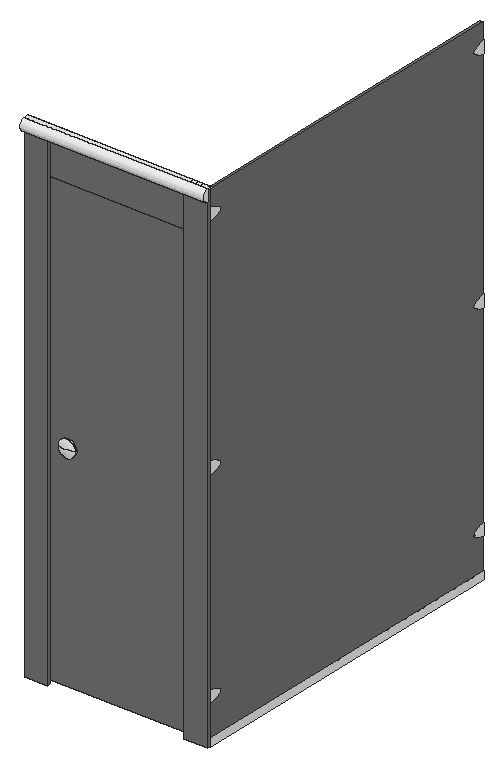
Revit family "NBS_ConceptCubicleSystems_PnlCbclSym_ForcePrivacy", category Specialty Equipment, Revit 2019
Family settings
  Round Connector Dimension = Use Diameter
  Part Type = Normal
  Work Plane-Based = No
  Always vertical = Yes
  Cut with Voids When Loaded = No
  Shared = No
  Room Calculation Point = No
Parameters (values of type "EndCubicle")
  WarrantyStartDate [instance] = "1900-12-31T23:59:59"
  WarrantyGuarantorParts = "n/a"
  WarrantyGuarantorLabor = "n/a"
  WarrantyDurationUnit = "year"
  WarrantyDurationParts = "n/a"
  WarrantyDurationLabor = "n/a"
  WarrantyDescription = "n/a"
  Version = "3"  # constant formula
  Uniclass2015Version = "Systems v1.16"
  Uniclass2015Title = "Panel cubicle systems"
  Uniclass2015Code = "Ss_25_12_60_60"
  TagNumber [instance] = "n/a"
  SystemManufacturer = "Concept Cubicle Systems"
  SustainabilityPerformance = "n/a"
  Style = "Cubicle"
  Status = "UNSET"
  Size = "1500 x 2600 mm"
  ShowCubicleLocationLines [instance] = yes
  Shape = "n/a"
  SerialNumber [instance] = "n/a"
  Revision = "n/a"
  ReverseDoorSwing [instance] = no
  ReplacementCost = "n/a"
  Reference = "n/a"
  RailOffsetRight [instance] = if(or(IsWallEndFirstCubicle, IsWallEndEndCubicle, IsWallToWallSingleCubicle, IsFirstCubicle, IsMiddleCubicle), PanelThickness / 2, 0 mm)  # 0 mm
  RailOffsetLeft [instance] = if(or(IsEndCubicle, IsWallEndFirstCubicle, IsWallEndEndCubicle, IsWallEndSingleCubicle, IsWallToWallSingleCubicle, IsMiddleCubicle), PanelThickness / 2, 0 mm)  # 6.25 mm
  ProductInformation = "https://www.conceptcubiclesystems.co.uk/education/cubicles/force-education-privacy"
  PilasterWidthLatchSide [instance] = if(OpenIn, CubicleWidth - ClearOpeningWidth - PilasterWidthHingeSide, CubicleWidth - ClearOpeningWidth - PilasterWidthHingeSide - 74 mm)  # 100 mm
  PilasterRightWidth [instance] = if(and(HasDoorCentrePosition, ReversedDoorSwing), if(OpenIn, (CubicleWidth - ClearOpeningWidth) / 2, (CubicleWidth - ClearOpeningWidth) / 2 - PanelThickness - 31.5 mm), if(and(HasDoorCentrePosition, ReverseDoorSwing), if(OpenIn, (CubicleWidth - ClearOpeningWidth) / 2, (CubicleWidth - ClearOpeningWidth) / 2 - PanelThickness - 17.5 mm), if(ReversedDoorSwing, PilasterWidthHingeSide, PilasterWidthLatchSide)))  # 100 mm
  PilasterPanelReturnRight = if(HasPilasterPanelReturnRight, PanelThickness / 2, 0 mm)  # 6.25 mm
  PilasterPanelReturnLeft = if(HasPilasterPanelReturnLeft, PanelThickness / 2, 0 mm)  # 0 mm
  PilasterMaterial = NBS_ConceptCubicleSystems_G059_GrisOrage-Grey
  PilasterLeftWidth [instance] = if(and(HasDoorCentrePosition, ReversedDoorSwing), if(OpenIn, (CubicleWidth - ClearOpeningWidth) / 2, (CubicleWidth - ClearOpeningWidth) / 2 - PanelThickness - 17.5 mm), if(and(HasDoorCentrePosition, ReverseDoorSwing), if(OpenIn, (CubicleWidth - ClearOpeningWidth) / 2, (CubicleWidth - ClearOpeningWidth) / 2 - PanelThickness - 31.5 mm), if(ReverseDoorSwing, PilasterWidthHingeSide, PilasterWidthLatchSide)))  # 100 mm
  PartitionMaterial = NBS_ConceptCubicleSystems_G059_GrisOrage-Grey
  PartitionUndercut = 0 mm  # constant formula
  Panels = "12 mm compact grade laminate"
  PanelThickness = 12.5 mm  # constant formula
  PilasterUndercut = 0 mm  # constant formula
  OverDoorPanelMaterial = NBS_ConceptCubicleSystems_G059_GrisOrage-Grey
  OverDoorPanelHeight [instance] = 200 mm
  OpenOut [instance] = not(OpenIn)  # no
  OpenIn [instance] = yes
  ReversedDoorSwing [instance] = not(ReverseDoorSwing)  # yes
  NominalWidth [instance] = CubicleWidth  # 800 mm
  NominalLength [instance] = CubicleWidth  # 800 mm
  NominalHeight [instance] = CubicleHeight  # 2200 mm
  NominalDepth [instance] = CubicleDepth  # 1500 mm
  Name = "PanelCubicleSystem_ForcePrivacy_EndCubicle_ConceptCubicleSystems"
  NBSReference = "25-05-60/160"
  NBSDescription = "Panel cubicle system"
  NBSCertification = "www.nationalbimlibrary.com/cert/kfqmu1qj"
  ModelReference = "Force Privacy Cublicles"
  ModelNumber = "n/a"
  Material = "Compact Grade Laminate"
  ManufacturerURL = "www.conceptcubiclesystems.co.uk"
  ManufacturerName = "Concept Cubicle Systems"  # constant formula
  Manufacturer = "sales@conceptcubiclesystems.co.uk"
  MainColor = "n/a"
  IsWallEndSingleCubicle = no
  IsWallEndFirstCubicle = no
  IsWallEndEndCubicle = no
  IsSingleCubicle = no
  IsWallToWallSingleCubicle = no
  PilasterWidthHingeSide [instance] = 100 mm
  IsMiddleCubicle = no
  IsFirstCubicle = no
  IsEndCubicle = yes
  IsBuiltIn = yes
  InstallationDate [instance] = "1900-12-31T23:59:59"
  IfcExportType = "USERDEFINED"  # constant formula
  IfcExportAs = "IfcFurnitureType"  # constant formula
  HasPilasterPanelReturnRight = or(IsSingleCubicle, IsEndCubicle, IsWallEndSingleCubicle)  # yes
  HasPilasterPanelReturnLeft = or(IsSingleCubicle, IsFirstCubicle)  # no
  HasPartitionRight = not(or(IsWallToWallSingleCubicle, IsWallEndEndCubicle))  # yes
  HasPartitionLeft = or(IsSingleCubicle, IsFirstCubicle)  # no
  HasOverDoorPanel [instance] = yes
  HasFittingsRight = or(IsWallToWallSingleCubicle, IsWallEndEndCubicle)  # no
  HasFittingsLeft = or(IsWallToWallSingleCubicle, IsWallEndSingleCubicle, IsWallEndFirstCubicle)  # no
  HasDoorCentrePosition [instance] = yes
  Grade = "n/a"
  Fittings = "Satin anodised aluminium"
  FittingMaterial = NBS_ConceptCubicleSystems_SatinAnodisedAluminium
  Finish = "n/a"
  Features = "Black core with a radiused edge, satin anodised aluminium bolt through Ironmongery, vandel and water resistant, floor to ceiling partition for privacy"
  ExpectedLife = "n/a"
  DurationUnit = "year"
  DoorSwingCalc [instance] = if(OpenOut, (PanelThickness / 2) + ClearOpeningWidth + 44 mm, 0 mm)  # 0 mm
  DoorSwing [instance] = if(OpenIn, (PanelThickness / 2) + ClearOpeningWidth + 76 mm, 0 mm)  # 682.25 mm
  DoorLeafMaterial = NBS_ConceptCubicleSystems_G059_GrisOrage-Grey
  DoorLeafHeight [instance] = if(HasOverDoorPanel, CubicleHeight - DoorLeafUndercut - OverDoorPanelHeight - 5 mm, if(OpenIn, CubicleHeight - DoorLeafUndercut - 5 mm, CubicleHeight - DoorLeafUndercut - 55 mm))  # 1985 mm
  DoorLeafUndercut = 10 mm
  DoorHeightCoarse [instance] = if(HasOverDoorPanel, CubicleHeight - OverDoorPanelHeight, CubicleHeight)  # 2000 mm
  Description = "Force cubicles, ideal for harsh and demanding environments"
  CubicleWidth [instance] = 800 mm
  CubicleHeight [instance] = 2200 mm
  CubicleDepth [instance] = 1500 mm
  Constituents = "n/a"
  Color = "n/a"
  CodePerformance = "n/a"
  ClearOpeningWidth [instance] = 600 mm
  ClearOpeningTopCalc [instance] = if(HasOverDoorPanel, OverDoorPanelHeight, 47 mm)  # 200 mm
  ClearOpeningRightCalc [instance] = if(OpenIn, 0 mm, if(ReversedDoorSwing, 44 mm, 30 mm))  # 0 mm
  ClearOpeningLeftCalc [instance] = if(OpenIn, 0 mm, if(ReverseDoorSwing, 44 mm, 30 mm))  # 0 mm
  ClearOpeningHeight [instance] = if(HasOverDoorPanel, CubicleHeight - OverDoorPanelHeight, CubicleHeight - 47 mm)  # 2000 mm
  Category = "Ss_25_12_60_60:Panel cubicle systems"
  BarCode [instance] = "n/a"
  BIMObjectName = "NBS_ConceptCubicleSystems_PanelCubicleSystem_ForcePrivacy_EndCubicle"
  Author = "NBS"  # constant formula
  AssetType = "Fixed"
  AssetIdentifier [instance] = "n/a"
  Application = "Washrooms in schools, universities, colleges and any other part of the educational sector"
  AccessibilityPerformance = "n/a"
Types (9, lengths in mm): name | ShowCubicleLocationLines | RailOffsetRight | RailOffsetLeft | PilasterPanelReturnRight | PilasterPanelReturnLeft | Name | IsWallEndSingleCubicle | IsWallEndFirstCubicle | IsWallEndEndCubicle | IsSingleCubicle | IsWallToWallSingleCubicle | IsMiddleCubicle | IsFirstCubicle | IsEndCubicle | HasPilasterPanelReturnRight | HasPilasterPanelReturnLeft | HasPartitionRight | HasPartitionLeft | HasFittingsRight | HasFittingsLeft | BIMObjectName
  (no name) | no | 0 | 0 | 6.25 | 6.25 | "PanelCubicleSystem_ForcePrivacy_SingleCubicle_ConceptCubicleSystems" | no | no | no | yes | no | no | no | no | yes | yes | yes | yes | no | no | "NBS_ConceptCubicleSystems_PanelCubicleSystem_ForcePrivacy_SingleCubicle"
  SingleCubicle | no | 0 | 0 | 6.25 | 6.25 | "PanelCubicleSystem_ForcePrivacy_SingleCubicle_ConceptCubicleSystems" | no | no | no | yes | no | no | no | no | yes | yes | yes | yes | no | no | "NBS_ConceptCubicleSystems_PanelCubicleSystem_ForcePrivacy_SingleCubicle"
  WallToWallSingleCubicle | yes | 6.25 | 6.25 | 0 | 0 | "PanelCubicleSystem_ForcePrivacy_WallToWallSingleCubicle_ConceptCubicleSystems" | no | no | no | no | yes | no | no | no | no | no | no | no | yes | yes | "NBS_ConceptCubicleSystems_PanelCubicleSystem_ForcePrivacy_WallToWallSingleCubicle"
  EndCubicle | yes | 0 | 6.25 | 6.25 | 0 | "PanelCubicleSystem_ForcePrivacy_EndCubicle_ConceptCubicleSystems" | no | no | no | no | no | no | no | yes | yes | no | yes | no | no | no | "NBS_ConceptCubicleSystems_PanelCubicleSystem_ForcePrivacy_EndCubicle"
  FirstCubicle | yes | 6.25 | 0 | 0 | 6.25 | "PanelCubicleSystem_ForcePrivacy_FirstCubicle_ConceptCubicleSystems" | no | no | no | no | no | no | yes | no | no | yes | yes | yes | no | no | "NBS_ConceptCubicleSystems_PanelCubicleSystem_ForcePrivacy_FirstCubicle"
  WallEndFirstCubicle | yes | 6.25 | 6.25 | 0 | 0 | "PanelCubicleSystem_ForcePrivacy_WallEndFirstCubicle_ConceptCubicleSystems" | no | yes | no | no | no | no | no | no | no | no | yes | no | no | yes | "NBS_ConceptCubicleSystems_PanelCubicleSystem_ForcePrivacy_WallEndFirstCubicle"
  WallEndSingleCubicle | yes | 0 | 6.25 | 6.25 | 0 | "PanelCubicleSystem_ForcePrivacy_WallEndSingleCubicle_ConceptCubicleSystems" | yes | no | no | no | no | no | no | no | yes | no | yes | no | no | yes | "NBS_ConceptCubicleSystems_PanelCubicleSystem_ForcePrivacy_WallEndSingleCubicle"
  MiddleCubicle | yes | 6.25 | 6.25 | 0 | 0 | "PanelCubicleSystem_ForcePrivacy_MiddleCubicle_ConceptCubicleSystems" | no | no | no | no | no | yes | no | no | no | no | yes | no | no | no | "NBS_ConceptCubicleSystems_PanelCubicleSystem_ForcePrivacy_MiddleCubicle"
  WallEndEndCubicle | yes | 6.25 | 6.25 | 0 | 0 | "PanelCubicleSystem_ForcePrivacy_WallEndEndCubicle_ConceptCubicleSystems" | no | no | yes | no | no | no | no | no | no | no | no | no | yes | no | "NBS_ConceptCubicleSystems_PanelCubicleSystem_ForcePrivacy_WallEndEndCubicle"
Reference planes
  plane 1 "Back": y = 0
  plane 2: z = 0
  plane 3 "Center (Left/Right)": x = 0
  plane 4 "Front": y = -1512.5
  plane 5 "PilasterBack": y = -1500
  plane 6 "CubicleLeft": x = -400
  plane 7 "CubicleRight": x = 400
  plane 8 "LeftPartitionExternal": x = -406.25
  plane 9 "LeftPartitionInternal": x = -393.75
  plane 10 "RightPartitionExternal": x = 406.25
  plane 11 "RightPartitionInternal": x = 393.75
  plane 12 "LeftPilaster": x = -300
  plane 13 "RightPilaster": x = 300
  plane 14 "PilasterLeft": x = -400
  plane 15 "PilasterRight": x = 406.25
  plane 16 "DoorSwing": y = -824
  plane 17 "DoorSwingCalc": y = -1506.25
  plane 18 "PilasterCentre": y = -1506.25
  plane 19 "Top": z = 2200
  plane 20: z = 2100
  plane 21 "PartitionFitting": z = 200
  plane 22: z = 1100
  plane 23 "PartitionElevation": z = 0
  plane 24 "Left": x = -400
  plane 25 "Right": x = 400
  plane 26 "PilasterElevation": z = 0
  plane 27 "PilasterFitting": z = 200
  plane 28 "Fitting": z = 200
  plane 29 "ClearOpeningRight": x = 300
  plane 30 "ClearOpeningLeft": x = -300
  plane 31 "ClearOpeningTop": z = 2000
  plane 32 "OverDoorPanelBottom": z = 2000
  plane 33 "OverDoorPanelTop": z = 2200
Forms (mm)
  Extrusion 1, solid, material "NBS_ConceptCubicleSystems_G059_GrisOrage-Grey" <- "PartitionMaterial", visible <- "HasPartitionLeft", detail levels medium+fine
    sketch origin (0, 0, 0) x (1, 0, 0) y (0, 1, 0)
      loop
        line (-406.25, 0) -> (-406.25, -1500) -> (-393.75, -1500) -> (-393.75, 0) -> (-406.25, 0)
    from 0 to 2200
  Extrusion 2, solid, material "NBS_ConceptCubicleSystems_G059_GrisOrage-Grey" <- "PartitionMaterial", visible <- "HasPartitionRight", detail levels medium+fine
    sketch origin (0, 0, 0) x (1, 0, 0) y (0, 1, 0)
      loop
        line (393.75, 0) -> (393.75, -1500) -> (406.25, -1500) -> (406.25, 0) -> (393.75, 0)
    from 0 to 2200
  Extrusion 3, solid, material "NBS_ConceptCubicleSystems_G059_GrisOrage-Grey" <- "PilasterMaterial", detail levels medium+fine
    sketch origin (0, 0, 0) x (1, 0, 0) y (0, 1, 0)
      loop
        line (-400, -1500) -> (-400, -1512.5) -> (-300, -1512.5) -> (-300, -1500) -> (-400, -1500)
    from 0 to 2200
  Extrusion 4, solid, material "NBS_ConceptCubicleSystems_G059_GrisOrage-Grey" <- "PilasterMaterial", detail levels medium+fine
    sketch origin (0, 0, 0) x (1, 0, 0) y (0, 1, 0)
      loop
        line (300, -1500) -> (300, -1512.5) -> (406.25, -1512.5) -> (406.25, -1500) -> (300, -1500)
    from 0 to 2200
  Extrusion 5, solid, material "NBS_ConceptCubicleSystems_G059_GrisOrage-Grey" <- "PartitionMaterial", visible <- "HasPartitionLeft", detail levels coarse
    sketch origin (0, 0, 0) x (1, 0, 0) y (0, 1, 0)
      loop
        line (-406.25, 0) -> (-406.25, -1500) -> (-393.75, -1500) -> (-393.75, 0) -> (-406.25, 0)
    from 0 to 2200
  Extrusion 6, solid, material "NBS_ConceptCubicleSystems_G059_GrisOrage-Grey" <- "PartitionMaterial", visible <- "HasPartitionRight", detail levels coarse
    sketch origin (0, 0, 0) x (1, 0, 0) y (0, 1, 0)
      loop
        line (393.75, 0) -> (393.75, -1500) -> (406.25, -1500) -> (406.25, 0) -> (393.75, 0)
    from 0 to 2200
  Extrusion 7, solid, material "NBS_ConceptCubicleSystems_G059_GrisOrage-Grey" <- "PilasterMaterial", detail levels coarse
    sketch origin (0, 0, 0) x (1, 0, 0) y (0, 1, 0)
      loop
        line (-400, -1500) -> (-400, -1512.5) -> (-300, -1512.5) -> (-300, -1500) -> (-400, -1500)
    from 0 to 2200
  Extrusion 8, solid, material "NBS_ConceptCubicleSystems_G059_GrisOrage-Grey" <- "PilasterMaterial", detail levels coarse
    sketch origin (0, 0, 0) x (1, 0, 0) y (0, 1, 0)
      loop
        line (300, -1500) -> (300, -1512.5) -> (406.25, -1512.5) -> (406.25, -1500) -> (300, -1500)
    from 0 to 2200
  Sweep 9, solid, material "NBS_ConceptCubicleSystems_SatinAnodisedAluminium" <- "FittingMaterial", detail levels medium+fine
    path origin (0, 0, 2200) x (0, 1, 0) y (-1, 0, 0)
      loop
        line (-1512.5, 400) -> (-1512.5, -406.25)
    profile origin (3.125, -1512.5, 2200) x (0, 1, 0) y (0, 0, 1)
      loop
        arc (0, 3) -> (-25, -22) -> (0, -47) r 25
        line (0, -47) -> (0, 0) -> (19, 0) -> (19, 3) -> (0, 3)
  Sweep 10, solid, material "NBS_ConceptCubicleSystems_SatinAnodisedAluminium" <- "FittingMaterial", visible <- "HasPartitionLeft", detail levels medium+fine
    path origin (0, 0, 0) x (1, 0, 0) y (0, 1, 0)
      loop
        line (-400, 0) -> (-400, -1500)
    profile origin (-400, -750, 0) x (1, 0, 0) y (0, 0, 1)
      loop
        line (-8.5, 0) -> (8.5, 0) -> (8.5, 38) -> (6.25, 38) -> (6.25, 2.5) -> (-6.25, 2.5) -> (-6.25, 38) -> (-8.5, 38) -> (-8.5, 0)
  Sweep 11, solid, material "NBS_ConceptCubicleSystems_SatinAnodisedAluminium" <- "FittingMaterial", visible <- "HasPartitionRight", detail levels medium+fine
    path origin (0, 0, 0) x (1, 0, 0) y (0, 1, 0)
      loop
        line (400, 0) -> (400, -1500)
    profile origin (400, -750, 0) x (1, 0, 0) y (0, 0, 1)
      loop
        line (-8.5, 0) -> (8.5, 0) -> (8.5, 38) -> (6.25, 38) -> (6.25, 2.5) -> (-6.25, 2.5) -> (-6.25, 38) -> (-8.5, 38) -> (-8.5, 0)
  Extrusion 12, solid, material "NBS_ConceptCubicleSystems_G059_GrisOrage-Grey" <- "OverDoorPanelMaterial", visible <- "HasOverDoorPanel"
    sketch origin (0, 0, 0) x (1, 0, 0) y (0, 1, 0)
      loop
        line (-391.5, -1500) -> (391.5, -1500) -> (391.5, -1487.5) -> (-391.5, -1487.5) -> (-391.5, -1500)
    from 2000 to 2200
Lines and regions (mm)
  symbolic lines, visible <- "HasPartitionLeft", detail levels coarse
    curve 1: line (-400, 0, 0) -> (-400, -1500, 0)
  symbolic lines, detail levels coarse
    curve 2: line (-300, -1500, 0) -> (-400, -1500, 0)
    curve 3: line (300, -1500, 0) -> (400, -1500, 0)
  symbolic lines, visible <- "HasPartitionRight", detail levels coarse
    curve 4: line (400, -1500, 0) -> (400, 0, 0)
  symbolic lines, style "SpecialityEquipmentHiddenLines", visible <- "ShowCubicleLocationLines"
    curve 5: line (400, -1500, 0) -> (400, 0, 0)
    curve 6: line (-400, 0, 0) -> (-400, -1500, 0)
Dimensions and locks
  "PanelThickness": plane 5 "PilasterBack" to plane 4 "Front"
  "CubicleDepth": plane 5 "PilasterBack" to plane 1 "Back"
  equal spacing: plane 6 "CubicleLeft", plane 3 "Center (Left/Right)", plane 7 "CubicleRight"
  "CubicleWidth": plane 6 "CubicleLeft" to plane 7 "CubicleRight"
  equal spacing: plane 8 "LeftPartitionExternal", plane 6 "CubicleLeft", plane 9 "LeftPartitionInternal"
  "PanelThickness": plane 8 "LeftPartitionExternal" to plane 9 "LeftPartitionInternal"
  equal spacing: plane 11 "RightPartitionInternal", plane 7 "CubicleRight", plane 10 "RightPartitionExternal"
  "PanelThickness": plane 11 "RightPartitionInternal" to plane 10 "RightPartitionExternal"
  "DoorSwing": plane 16 "DoorSwing" to plane 17 "DoorSwingCalc"
  equal spacing: plane 5 "PilasterBack", plane 18 "PilasterCentre", plane 4 "Front"
  "DoorSwingCalc": plane 18 "PilasterCentre" to plane 17 "DoorSwingCalc"
  "CubicleHeight": plane 19 "Top" to level
  locked: plane 19 "Top" to plane 20 at 100
  "PartitionUndercut": plane 23 "PartitionElevation" to level
  equal spacing: plane 19 "Top", plane 22, plane 23 "PartitionElevation"
  "PilasterRightWidth": plane 13 "RightPilaster" to plane 7 "CubicleRight"
  "PilasterLeftWidth": plane 6 "CubicleLeft" to plane 12 "LeftPilaster"
  "PilasterPanelReturnLeft": plane 14 "PilasterLeft" to plane 6 "CubicleLeft"
  "PilasterPanelReturnRight": plane 7 "CubicleRight" to plane 15 "PilasterRight"
  "RailOffsetLeft": plane 8 "LeftPartitionExternal" to Sweep 9 sketch curve
  "RailOffsetRight": Sweep 9 sketch curve to plane 10 "RightPartitionExternal"
  "PilasterUndercut": plane 26 "PilasterElevation" to level
  locked: plane 28 "Fitting" to level at 200
  locked: plane 21 "PartitionFitting" to level at 200
  locked: plane 27 "PilasterFitting" to level at 200
  "ClearOpeningRightCalc": plane 29 "ClearOpeningRight" to plane 13 "RightPilaster"
  "ClearOpeningLeftCalc": plane 12 "LeftPilaster" to plane 30 "ClearOpeningLeft"
  locked: plane 9 "LeftPartitionInternal" to Extrusion 12 sketch curve at 2.25
  locked: Extrusion 12 sketch curve to plane 11 "RightPartitionInternal" at 2.25
  "PanelThickness": Extrusion 12 sketch curve to plane 5 "PilasterBack"
  "ClearOpeningTopCalc": plane 19 "Top" to plane 31 "ClearOpeningTop"
  "OverDoorPanelHeight": plane 33 "OverDoorPanelTop" to plane 32 "OverDoorPanelBottom"
  locked: plane 19 "Top" to plane 33 "OverDoorPanelTop" at 0
  aligned and locked: level to plane 2
  aligned and locked: Extrusion 1 sketch curve to plane 8 "LeftPartitionExternal"
  aligned and locked: plane 9 "LeftPartitionInternal" to Extrusion 1 sketch curve
  aligned and locked: Extrusion 2 sketch curve to plane 11 "RightPartitionInternal"
  aligned and locked: plane 10 "RightPartitionExternal" to Extrusion 2 sketch curve
  aligned and locked: Extrusion 3 sketch curve to plane 14 "PilasterLeft"
  aligned and locked: Extrusion 3 sketch curve to plane 12 "LeftPilaster"
  aligned and locked: Extrusion 3 sketch curve to plane 4 "Front"
  aligned and locked: Extrusion 3 sketch curve to plane 5 "PilasterBack"
  aligned and locked: plane 13 "RightPilaster" to Extrusion 4 sketch curve
  aligned and locked: plane 15 "PilasterRight" to Extrusion 4 sketch curve
  aligned and locked: Extrusion 4 sketch curve to plane 5 "PilasterBack"
  aligned and locked: Extrusion 4 sketch curve to plane 4 "Front"
  aligned and locked: plane 19 "Top" to Extrusion 1
  aligned and locked: plane 19 "Top" to Extrusion 2
  aligned and locked: plane 19 "Top" to Extrusion 3
  aligned and locked: plane 19 "Top" to Extrusion 4
  aligned and locked: plane 1 "Back" to Extrusion 1 sketch curve
  aligned and locked: Extrusion 1 sketch curve to plane 5 "PilasterBack"
  aligned and locked: Extrusion 2 sketch curve to plane 5 "PilasterBack"
  aligned and locked: plane 1 "Back" to Extrusion 2 sketch curve
  aligned and locked: plane 1 "Back" to nested 3
  aligned and locked: plane 1 "Back" to nested 4
  aligned and locked: plane 1 "Back" to nested 5
  aligned and locked: plane 6 "CubicleLeft" to nested 5
  aligned and locked: plane 6 "CubicleLeft" to nested 4
  aligned and locked: plane 6 "CubicleLeft" to nested 3
  aligned and locked: plane 1 "Back" to nested 6
  aligned and locked: plane 1 "Back" to nested 7
  aligned and locked: plane 1 "Back" to nested 8
  aligned and locked: nested 6 to plane 7 "CubicleRight"
  aligned and locked: nested 7 to plane 7 "CubicleRight"
  aligned and locked: nested 8 to plane 7 "CubicleRight"
  aligned and locked: plane 5 "PilasterBack" to nested 9
  aligned and locked: plane 5 "PilasterBack" to nested 10
  aligned and locked: plane 5 "PilasterBack" to nested 11
  aligned and locked: plane 7 "CubicleRight" to nested 9
  aligned and locked: plane 7 "CubicleRight" to nested 10
  aligned and locked: plane 7 "CubicleRight" to nested 11
  aligned and locked: plane 5 "PilasterBack" to nested 15
  aligned and locked: plane 5 "PilasterBack" to nested 16
  aligned and locked: plane 5 "PilasterBack" to nested 17
  aligned and locked: nested 15 to plane 6 "CubicleLeft"
  aligned and locked: nested 16 to plane 6 "CubicleLeft"
  aligned and locked: nested 17 to plane 6 "CubicleLeft"
  aligned and locked: nested 14 to plane 18 "PilasterCentre"
  aligned and locked: nested 13 to plane 18 "PilasterCentre"
  aligned and locked: nested 12 to plane 18 "PilasterCentre"
  aligned and locked: plane 15 "PilasterRight" to nested 14
  aligned and locked: plane 15 "PilasterRight" to nested 13
  aligned and locked: plane 15 "PilasterRight" to nested 12
  aligned and locked: plane 20 to nested 5
  aligned and locked: plane 20 to nested 17
  aligned and locked: plane 20 to nested 14
  aligned and locked: plane 21 "PartitionFitting" to nested 4
  aligned and locked: plane 22 to nested 3
  aligned and locked: plane 22 to nested 15
  aligned and locked: plane 22 to nested 12
  aligned and locked: plane 20 to nested 11
  aligned and locked: plane 22 to nested 10
  aligned and locked: plane 20 to nested 8
  aligned and locked: plane 22 to nested 7
  aligned and locked: plane 21 "PartitionFitting" to nested 6
  aligned and locked: Extrusion 5 sketch curve to plane 8 "LeftPartitionExternal"
  aligned and locked: plane 9 "LeftPartitionInternal" to Extrusion 5 sketch curve
  aligned and locked: Extrusion 5 sketch curve to plane 1 "Back"
  aligned and locked: Extrusion 5 sketch curve to plane 5 "PilasterBack"
  aligned and locked: Extrusion 6 sketch curve to plane 11 "RightPartitionInternal"
  aligned and locked: plane 10 "RightPartitionExternal" to Extrusion 6 sketch curve
  aligned and locked: Extrusion 6 sketch curve to plane 1 "Back"
  aligned and locked: Extrusion 6 sketch curve to plane 5 "PilasterBack"
  aligned and locked: Extrusion 7 sketch curve to plane 5 "PilasterBack"
  aligned and locked: Extrusion 7 sketch curve to plane 4 "Front"
  aligned and locked: Extrusion 7 sketch curve to plane 14 "PilasterLeft"
  aligned and locked: Extrusion 7 sketch curve to plane 12 "LeftPilaster"
  aligned and locked: plane 13 "RightPilaster" to Extrusion 8 sketch curve
  aligned and locked: plane 15 "PilasterRight" to Extrusion 8 sketch curve
  aligned and locked: Extrusion 8 sketch curve to plane 5 "PilasterBack"
  aligned and locked: Extrusion 8 sketch curve to plane 4 "Front"
  aligned and locked: plane 19 "Top" to Extrusion 5
  aligned and locked: plane 19 "Top" to Extrusion 6
  aligned and locked: plane 19 "Top" to Extrusion 7
  aligned and locked: plane 19 "Top" to Extrusion 8
  aligned and locked: plane 1 "Back" to curve 4
  aligned and locked: curve 3 to plane 5 "PilasterBack"
  aligned and locked: plane 13 "RightPilaster" to curve 3
  aligned and locked: plane 12 "LeftPilaster" to curve 2
  aligned and locked: plane 5 "PilasterBack" to curve 2
  aligned and locked: curve 1 to plane 6 "CubicleLeft"
  aligned and locked: Sweep 9 sketch curve to plane 4 "Front"
  aligned and locked: plane 18 "PilasterCentre" to nested 20
  aligned and locked: plane 18 "PilasterCentre" to nested 19
  aligned and locked: plane 18 "PilasterCentre" to nested 18
  aligned and locked: plane 14 "PilasterLeft" to nested 20
  aligned and locked: plane 14 "PilasterLeft" to nested 18
  aligned and locked: plane 14 "PilasterLeft" to nested 19
  aligned and locked: plane 20 to nested 20
  aligned and locked: plane 22 to nested 19
  aligned and locked: plane 24 "Left" to plane 6 "CubicleLeft"
  aligned and locked: plane 25 "Right" to plane 7 "CubicleRight"
  aligned and locked: curve 5 to plane 7 "CubicleRight"
  aligned and locked: plane 1 "Back" to curve 5
  aligned and locked: plane 5 "PilasterBack" to curve 5
  aligned and locked: curve 6 to plane 6 "CubicleLeft"
  aligned and locked: plane 1 "Back" to curve 6
  aligned and locked: plane 5 "PilasterBack" to curve 6
  aligned and locked: plane 6 "CubicleLeft" to curve 2
  aligned and locked: Extrusion 2 to plane 23 "PartitionElevation"
  aligned and locked: Extrusion 1 to plane 23 "PartitionElevation"
  aligned and locked: Extrusion 5 to plane 23 "PartitionElevation"
  aligned and locked: Extrusion 6 to plane 23 "PartitionElevation"
  aligned and locked: Extrusion 8 to plane 26 "PilasterElevation"
  aligned and locked: Extrusion 4 to plane 26 "PilasterElevation"
  aligned and locked: Extrusion 7 to plane 26 "PilasterElevation"
  aligned and locked: Extrusion 3 to plane 26 "PilasterElevation"
  aligned and locked: plane 27 "PilasterFitting" to nested 18
  aligned and locked: plane 27 "PilasterFitting" to nested 13
  aligned and locked: plane 28 "Fitting" to nested 16
  aligned and locked: plane 28 "Fitting" to nested 9
  aligned and locked: nested 1 to plane 5 "PilasterBack"
  aligned and locked: nested 1 to plane 13 "RightPilaster"
  aligned and locked: plane 5 "PilasterBack" to nested 2
  aligned and locked: nested 2 to plane 12 "LeftPilaster"
  aligned and locked: Sweep 10 sketch curve to plane 6 "CubicleLeft"
  aligned and locked: plane 5 "PilasterBack" to Sweep 10 sketch curve
  aligned and locked: plane 1 "Back" to Sweep 10 sketch curve
  aligned and locked: plane 7 "CubicleRight" to Sweep 11 sketch curve
  aligned and locked: plane 1 "Back" to Sweep 11 sketch curve
  aligned and locked: plane 5 "PilasterBack" to Sweep 11 sketch curve
  aligned and locked: plane 5 "PilasterBack" to Extrusion 12 sketch curve
  aligned and locked: plane 19 "Top" to Extrusion 12
  aligned and locked: Extrusion 12 to plane 32 "OverDoorPanelBottom"
Automatic sketch dimensions
  Sweep 9 sketch curve to profile plane = 0 mm  (x2)
  Sweep 9 sketch curve to plane 19 "Top" = 0 mm
  Sweep 9 sketch curve to profile plane = 19 mm
  Sweep 9 sketch curve to plane 19 "Top" = 22 mm
  Sweep 9 sketch curve to Sweep 9 sketch curve = 3 mm
  plane 1 "Back" to curve 1 = 0 mm
  Sweep 10 sketch curve to level = 0 mm
  Sweep 10 sketch curve to Sweep 10 sketch curve = 2.25 mm  (x2)
  Sweep 10 sketch curve to profile plane = 6.25 mm
  level to Sweep 10 sketch curve = 38 mm
  Sweep 10 sketch curve to Sweep 10 sketch curve = 0 mm
  level to Sweep 10 sketch curve = 2.5 mm
  profile plane to Sweep 10 sketch curve = 6.25 mm
  profile plane to Sweep 11 sketch curve = 8.5 mm
  Sweep 11 sketch curve to Sweep 11 sketch curve = 2.25 mm  (x2)
  Sweep 11 sketch curve to Sweep 11 sketch curve = 12.5 mm
  level to Sweep 11 sketch curve = 0 mm
  Sweep 11 sketch curve to Sweep 11 sketch curve = 2.5 mm
  Sweep 11 sketch curve to Sweep 11 sketch curve = 35.5 mm
  Sweep 11 sketch curve to Sweep 11 sketch curve = 0 mm
Nested families
  nested 1: "NBS_ConceptCubicleSystems_PnlCbclSym_ForcePrivacy_DoorLeaf" at (300, -1500, 0), visible <- "ReversedDoorSwing", type "Door"
    with DoorLeafHeight 1985 mm, DoorHeightCoarse 2000 mm
  nested 2: "NBS_ConceptCubicleSystems_PnlCbclSym_ForcePrivacy_DoorLeaf" at (-300, -1500, 0) x (-1, 0, 0) z (0, 0, 1), visible <- "ReverseDoorSwing", type "Door"
    with DoorLeafHeight 1985 mm, DoorHeightCoarse 2000 mm
  nested 3: "NBS_ConceptCubicleSystems_PnlCbclSym_Fitting_Type1" at (-400, 0, 1100), visible <- "HasPartitionLeft", type "NBS_ConceptCubicleSystems_PnlCbclSym_Fitting_Type1", detail levels fine
  nested 4: "NBS_ConceptCubicleSystems_PnlCbclSym_Fitting_Type1" at (-400, 0, 200), visible <- "HasPartitionLeft", type "NBS_ConceptCubicleSystems_PnlCbclSym_Fitting_Type1", detail levels fine
  nested 5: "NBS_ConceptCubicleSystems_PnlCbclSym_Fitting_Type1" at (-400, 0, 2100), visible <- "HasPartitionLeft", type "NBS_ConceptCubicleSystems_PnlCbclSym_Fitting_Type1", detail levels fine
  nested 6: "NBS_ConceptCubicleSystems_PnlCbclSym_Fitting_Type1" at (400, 0, 200), visible <- "HasPartitionRight", type "NBS_ConceptCubicleSystems_PnlCbclSym_Fitting_Type1", detail levels fine
  nested 7: "NBS_ConceptCubicleSystems_PnlCbclSym_Fitting_Type1" at (400, 0, 1100), visible <- "HasPartitionRight", type "NBS_ConceptCubicleSystems_PnlCbclSym_Fitting_Type1", detail levels fine
  nested 8: "NBS_ConceptCubicleSystems_PnlCbclSym_Fitting_Type1" at (400, 0, 2100), visible <- "HasPartitionRight", type "NBS_ConceptCubicleSystems_PnlCbclSym_Fitting_Type1", detail levels fine
  nested 9: "NBS_ConceptCubicleSystems_PnlCbclSym_Fitting_Type1" at (400, -1500, 200) x (-1, 0, 0) z (0, 0, 1), visible <- "HasPartitionRight", type "NBS_ConceptCubicleSystems_PnlCbclSym_Fitting_Type1", detail levels fine
  nested 10: "NBS_ConceptCubicleSystems_PnlCbclSym_Fitting_Type1" at (400, -1500, 1100) x (-1, 0, 0) z (0, 0, 1), visible <- "HasPartitionRight", type "NBS_ConceptCubicleSystems_PnlCbclSym_Fitting_Type1", detail levels fine
  nested 11: "NBS_ConceptCubicleSystems_PnlCbclSym_Fitting_Type1" at (400, -1500, 2100) x (-1, 0, 0) z (0, 0, 1), visible <- "HasPartitionRight", type "NBS_ConceptCubicleSystems_PnlCbclSym_Fitting_Type1", detail levels fine
  nested 12: "NBS_ConceptCubicleSystems_PnlCbclSym_Fitting_Type1" at (406.25, -1506.25, 1100) x (0, -1, 0) z (0, 0, 1), visible <- "HasFittingsRight", type "NBS_ConceptCubicleSystems_PnlCbclSym_Fitting_Type1", detail levels fine
  nested 13: "NBS_ConceptCubicleSystems_PnlCbclSym_Fitting_Type1" at (406.25, -1506.25, 200) x (0, -1, 0) z (0, 0, 1), visible <- "HasFittingsRight", type "NBS_ConceptCubicleSystems_PnlCbclSym_Fitting_Type1", detail levels fine
  nested 14: "NBS_ConceptCubicleSystems_PnlCbclSym_Fitting_Type1" at (406.25, -1506.25, 2100) x (0, -1, 0) z (0, 0, 1), visible <- "HasFittingsRight", type "NBS_ConceptCubicleSystems_PnlCbclSym_Fitting_Type1", detail levels fine
  nested 15: "NBS_ConceptCubicleSystems_PnlCbclSym_Fitting_Type1" at (-400, -1500, 1100) x (-1, 0, 0) z (0, 0, 1), visible <- "HasPartitionLeft", type "NBS_ConceptCubicleSystems_PnlCbclSym_Fitting_Type1", detail levels fine
  nested 16: "NBS_ConceptCubicleSystems_PnlCbclSym_Fitting_Type1" at (-400, -1500, 200) x (-1, 0, 0) z (0, 0, 1), visible <- "HasPartitionLeft", type "NBS_ConceptCubicleSystems_PnlCbclSym_Fitting_Type1", detail levels fine
  nested 17: "NBS_ConceptCubicleSystems_PnlCbclSym_Fitting_Type1" at (-400, -1500, 2100) x (-1, 0, 0) z (0, 0, 1), visible <- "HasPartitionLeft", type "NBS_ConceptCubicleSystems_PnlCbclSym_Fitting_Type1", detail levels fine
  nested 18: "NBS_ConceptCubicleSystems_PnlCbclSym_Fitting_Type1" at (-400, -1506.25, 200) x (0, 1, 0) z (0, 0, 1), visible <- "HasFittingsLeft", type "NBS_ConceptCubicleSystems_PnlCbclSym_Fitting_Type1", detail levels fine
  nested 19: "NBS_ConceptCubicleSystems_PnlCbclSym_Fitting_Type1" at (-400, -1506.25, 1100) x (0, 1, 0) z (0, 0, 1), visible <- "HasFittingsLeft", type "NBS_ConceptCubicleSystems_PnlCbclSym_Fitting_Type1", detail levels fine
  nested 20: "NBS_ConceptCubicleSystems_PnlCbclSym_Fitting_Type1" at (-400, -1506.25, 2100) x (0, 1, 0) z (0, 0, 1), visible <- "HasFittingsLeft", type "NBS_ConceptCubicleSystems_PnlCbclSym_Fitting_Type1", detail levels fine
Definition of nested family "NBS_ConceptCubicleSystems_PnlCbclSym_ForcePrivacy_DoorLeaf"
  Parameters (values of type "Door")
    OpenOut = not(OpenIn)  # no
    OpenIn = yes
    OccupancyIndicatorMaterial = none
    FittingMaterial = none
    DoorLeafWidth = if(OpenIn, ClearOpeningWidth + 46 mm, ClearOpeningWidth + 59.5 mm + DoorLeafThickness + 24 mm)  # 646 mm
    DoorLeafThickness = 12.5 mm
    DoorLeafOffset = 12 mm  # constant formula
    DoorLeafMaterial = none
    DoorLeafHeight = 1795 mm
    DoorLeafElevation = 10 mm
    DoorHeightCoarse = 1950 mm
    ClearOpeningWidth = 600 mm
  Reference planes
    plane 1 "Pilaster": y = 0
    plane 2: z = 0
    plane 3 "PilasterHingeSide": x = 0
    plane 4 "Left": x = -618
    plane 5 "Right": x = 28
    plane 6 "DoorFront": y = 12
    plane 7 "DoorBack": y = 24.5
    plane 8 "HingeInLR": x = 37
    plane 9 "HingeInFB": y = 21
    plane 10 "DoorFrontOpen": y = 30
    plane 11 "DoorBackOpen": y = 676
    plane 12 "DoorRightOpen": x = 40.5
    plane 13 "DoorLeftOpen": x = 28
    plane 14 "LockLR": x = -528
    plane 15 "Lock": z = 950
    plane 16 "Top": z = 1805
    plane 17 "DoorBottom": z = 10
    plane 18: z = 907.5
    plane 19 "CubicleTop": z = 1950
    plane 20 "HingeOutLR": x = -9.5
    plane 21 "HingeOutFB": y = 2
    plane 22 "DoorRightOpenOut": x = -44
    plane 23 "DoorLeftOpenOut": x = -31.5
    plane 24 "DoorBackOpenOut": y = 39.5
    plane 25 "DoorFrontOpenOut": y = -606.5
  Forms (mm)
    Extrusion 1, solid, material <- "DoorLeafMaterial", detail levels medium+fine
      sketch origin (-300.25, 0, 10) x (-1, 0, 0) y (0, -1, 0)
        loop
          line (317.75, -24.5) -> (317.75, -12) -> (-328.25, -12) -> (-328.25, -24.5) -> (317.75, -24.5)
      from 0 to 1795
    Revolve 2, solid, material <- "OccupancyIndicatorMaterial", detail levels medium+fine
      sketch origin (-300.25, 0, 950) x (-1, 0, 0) y (0, -1, 0)
        loop
          line (227.75, -12) -> (265.25, -12) -> (265.25, -5.5)
          arc (265.25, -5.5) -> (246.78, -0.637) -> (227.75, 1) r 111.423
          line (227.75, 1) -> (227.75, -12)
        axis (227.75, -12) -> (227.75, 1)
      angle from 0 to 360
    Extrusion 3, solid, material <- "DoorLeafMaterial", visible <- "OpenIn", detail levels coarse
      sketch origin (0, 0, 0) x (1, 0, 0) y (0, 1, 0)
        loop
          line (-618, 12) -> (28, 12) -> (28, 24.5) -> (-618, 24.5) -> (-618, 12)
      from 0 to 1950
    Sweep 4, solid, material <- "FittingMaterial", visible <- "OpenOut", detail levels medium+fine
      path origin (0, 0, 0) x (1, 0, 0) y (0, 0, 1)
        loop
          line (-618, 1805) -> (-618, 10)
      profile origin (-618, 0, 907.5) x (0, -1, 0) y (1, 0, 0)
        loop
          line (0, -6) -> (-33, -6) -> (-33, 24) -> (-35, 24) -> (-35, -8) -> (-2, -8) -> (-2, -41) -> (0, -41) -> (0, -6)
    Extrusion 5, solid, material <- "DoorLeafMaterial", visible <- "OpenOut", detail levels coarse
      sketch origin (0, 0, 0) x (1, 0, 0) y (0, 1, 0)
        loop
          line (-624, 24.5) -> (-624, 12) -> (28, 12) -> (28, 24.5) -> (-624, 24.5)
      from 0 to 1950
  Lines and regions (mm)
    Masking region 1, visible <- "OpenIn", detail levels medium+fine
      outline origin (-300.25, 0, 0) x (1, 0, 0) y (0, 1, 0)
        loop
          line (328.25, 676) -> (328.25, 30) -> (340.75, 30) -> (340.75, 676) -> (328.25, 676)
    Masking region 2, visible <- "OpenOut", detail levels medium+fine
      outline origin (-300.25, 0, 0) x (1, 0, 0) y (0, 1, 0)
        loop
          line (256.25, 39.5) -> (256.25, -606.5) -> (268.75, -606.5) -> (268.75, 39.5) -> (256.25, 39.5)
    symbolic lines, visible <- "OpenIn"
      curve 1: arc (-618, 24.5, 0) -> (-423.68, 486.63, 0) -> (40.5, 676, 0) r 655.009
    symbolic lines, visible <- "OpenIn", detail levels coarse
      curve 2: line (40.5, 30, 0) -> (40.5, 676, 0)
    symbolic lines
      curve 3: line (-618, 0, 10) -> (28, 0, 907.5)
      curve 4: line (28, 0, 907.5) -> (-618, 0, 1805)
    symbolic lines, visible <- "OpenOut", detail levels coarse
      curve 5: line (-44, 39.5, 0) -> (-44, -606.5, 0)
    symbolic lines, visible <- "OpenOut"
      curve 6: arc (-31.5, -606.5, 0) -> (-451.221, -417.093, 0) -> (-618.315, 12, 0) r 608.898
  Dimensions and locks
    "DoorLeafOffset": plane 1 "Pilaster" to plane 6 "DoorFront"
    "DoorLeafThickness": plane 7 "DoorBack" to plane 6 "DoorFront"
    locked: plane 1 "Pilaster" to plane 9 "HingeInFB" at 21
    locked: plane 10 "DoorFrontOpen" to plane 9 "HingeInFB" at 9
    "DoorLeafWidth": plane 11 "DoorBackOpen" to plane 10 "DoorFrontOpen"
    locked: plane 13 "DoorLeftOpen" to plane 8 "HingeInLR" at 9
    "DoorLeafThickness": plane 13 "DoorLeftOpen" to plane 12 "DoorRightOpen"
    locked: Revolve 2 sketch curve to plane 14 "LockLR" at 37.5
    locked: plane 6 "DoorFront" to Revolve 2 sketch curve at 13
    locked: plane 6 "DoorFront" to Revolve 2 sketch curve at 6.5
    locked: plane 15 "Lock" to level at 950
    "DoorLeafElevation": plane 17 "DoorBottom" to level
    equal spacing: plane 16 "Top", plane 18, plane 17 "DoorBottom"
    "DoorLeafHeight": plane 16 "Top" to plane 17 "DoorBottom"
    "DoorHeightCoarse": plane 19 "CubicleTop" to level
    locked: plane 6 "DoorFront" to plane 21 "HingeOutFB" at 10
    "DoorLeafThickness": plane 22 "DoorRightOpenOut" to plane 23 "DoorLeftOpenOut"
    locked: plane 24 "DoorBackOpenOut" to plane 21 "HingeOutFB" at 37.5
    "DoorLeafWidth": plane 24 "DoorBackOpenOut" to plane 25 "DoorFrontOpenOut"
    locked: plane 3 "PilasterHingeSide" to plane 8 "HingeInLR" at 37
    locked: plane 3 "PilasterHingeSide" to plane 5 "Right" at 28
    "DoorLeafWidth": plane 4 "Left" to plane 5 "Right"
    locked: plane 20 "HingeOutLR" to plane 3 "PilasterHingeSide" at 9.5
    locked: plane 23 "DoorLeftOpenOut" to plane 20 "HingeOutLR" at 22
    locked: plane 4 "Left" to plane 14 "LockLR" at 90
    locked: Extrusion 5 sketch curve to plane 4 "Left" at 6
    aligned and locked: level to plane 2
    aligned and locked: Extrusion 1 sketch curve to plane 4 "Left"
    aligned and locked: plane 5 "Right" to Extrusion 1 sketch curve
    aligned and locked: Extrusion 1 sketch curve to plane 7 "DoorBack"
    aligned and locked: Extrusion 1 sketch curve to plane 6 "DoorFront"
    aligned and locked: Masking region 1 sketch curve to plane 13 "DoorLeftOpen"
    aligned and locked: Masking region 1 sketch curve to plane 12 "DoorRightOpen"
    aligned and locked: Masking region 1 sketch curve to plane 11 "DoorBackOpen"
    aligned and locked: Masking region 1 sketch curve to plane 10 "DoorFrontOpen"
    aligned and locked: plane 9 "HingeInFB" to curve 1
    aligned and locked: plane 8 "HingeInLR" to curve 1
    aligned and locked: plane 11 "DoorBackOpen" to curve 2
    aligned and locked: plane 10 "DoorFrontOpen" to curve 2
    aligned and locked: curve 2 to plane 12 "DoorRightOpen"
    aligned and locked: Revolve 2 sketch curve to plane 14 "LockLR"  (x2)
    aligned and locked: plane 6 "DoorFront" to Revolve 2 sketch curve
    aligned and locked: plane 16 "Top" to Extrusion 1
    aligned and locked: Extrusion 1 to plane 17 "DoorBottom"
    aligned and locked: plane 17 "DoorBottom" to curve 3
    aligned and locked: plane 4 "Left" to curve 3
    aligned and locked: plane 13 "DoorLeftOpen" to curve 4
    aligned and locked: plane 18 to curve 4
    aligned and locked: plane 4 "Left" to curve 4
    aligned and locked: plane 16 "Top" to curve 4
    aligned and locked: Extrusion 3 sketch curve to plane 6 "DoorFront"
    aligned and locked: Extrusion 3 sketch curve to plane 7 "DoorBack"
    aligned and locked: plane 5 "Right" to Extrusion 3 sketch curve
    aligned and locked: Extrusion 3 sketch curve to plane 4 "Left"
    aligned and locked: plane 19 "CubicleTop" to Extrusion 3
    aligned and locked: Masking region 2 sketch curve to plane 22 "DoorRightOpenOut"
    aligned and locked: Masking region 2 sketch curve to plane 23 "DoorLeftOpenOut"
    aligned and locked: Masking region 2 sketch curve to plane 24 "DoorBackOpenOut"
    aligned and locked: Masking region 2 sketch curve to plane 25 "DoorFrontOpenOut"
    aligned and locked: curve 5 to plane 22 "DoorRightOpenOut"
    aligned and locked: plane 24 "DoorBackOpenOut" to curve 5
    aligned and locked: plane 25 "DoorFrontOpenOut" to curve 5
    aligned and locked: plane 20 "HingeOutLR" to curve 6
    aligned and locked: plane 21 "HingeOutFB" to curve 6
    aligned and locked: Sweep 4 sketch curve to plane 4 "Left"
    aligned and locked: plane 17 "DoorBottom" to Sweep 4 sketch curve
    aligned and locked: plane 16 "Top" to Sweep 4 sketch curve
    aligned and locked: Extrusion 5 sketch curve to plane 7 "DoorBack"
    aligned and locked: Extrusion 5 sketch curve to plane 6 "DoorFront"
    aligned and locked: plane 5 "Right" to Extrusion 5 sketch curve
    aligned and locked: plane 19 "CubicleTop" to Extrusion 5
  Automatic sketch dimensions
    Revolve 2 sketch curve to Revolve 2 sketch curve = 16.101 mm
    Revolve 2 sketch curve to Revolve 2 sketch curve = 61.569 mm
    curve 1 to plane 4 "Left" = 0 mm
    curve 6 to plane 6 "DoorFront" = 0 mm
    curve 6 to plane 23 "DoorLeftOpenOut" = 0 mm
    curve 6 to plane 25 "DoorFrontOpenOut" = 0 mm
    plane 1 "Pilaster" to Sweep 4 sketch curve = 0 mm
    profile plane to Sweep 4 sketch curve = 6 mm
    Sweep 4 sketch curve to plane 1 "Pilaster" = 33 mm
    Sweep 4 sketch curve to Sweep 4 sketch curve = 2 mm  (x2)
    Sweep 4 sketch curve to Sweep 4 sketch curve = 35 mm
    Sweep 4 sketch curve to profile plane = 24 mm
    Sweep 4 sketch curve to plane 1 "Pilaster" = 2 mm
Definition of nested family "NBS_ConceptCubicleSystems_PnlCbclSym_Fitting_Type1"
  Parameters (values of type "NBS_ConceptCubicleSystems_PnlCbclSym_Force_Fitting")
    FittingMaterial = none
  Reference planes
    plane 1 "Center (Front/Back)": y = 0
    plane 2: z = 0
    plane 3 "Center (Left/Right)": x = 0
  Forms (mm)
    Extrusion 1, solid, material <- "FittingMaterial"
      sketch origin (0, 0, 0) x (0, 1, 0) y (0, 0, 1)
        loop
          arc (-47.371, 7.328) -> (-51.146, 0) -> (-47.371, -7.328) r 9
          arc (-47.371, -7.328) -> (-24.803, -19.826) -> (0, -26.916) r 113.721
          line (0, -26.916) -> (0, 26.916)
          arc (0, 26.916) -> (-24.803, 19.826) -> (-47.371, 7.328) r 113.721
      from -8.5 to 8.5
    Extrusion 2, void
      sketch origin (0, 0, 0) x (1, 0, 0) y (0, 1, 0)
        loop
          line (6.25, -4) -> (-6.25, -4) -> (-6.25, -52.661) -> (6.25, -52.661) -> (6.25, -4)
      from -30 to 30
  Cuts and joins
    Extrusion 2 cuts Extrusion 1
  Dimensions and locks
    aligned and locked: level to plane 2
    aligned and locked: plane 1 "Center (Front/Back)" to Extrusion 1 sketch curve
